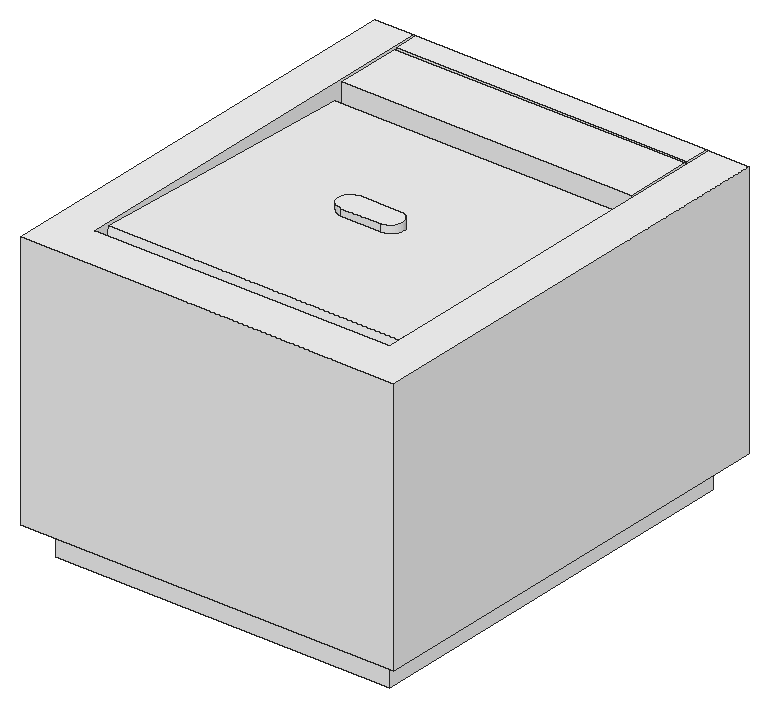
Revit family "Gira_015630", category Electrical Fixtures, host Face, Revit 2017
Family settings
  Host = Face
  Maintain Annotation Orientation = Yes
  Round Connector Dimension = Use Diameter
  Part Type = Normal
  Cut with Voids When Loaded = No
  Shared = No
  Room Calculation Point = No
Parameters (values of type "Wipptaster Wechsler BSF WG AP Grau")
  Zusammenstellung = "Basiselement mit Komplettgehäuse"
  White [instance] = White
  Werkstoffgüte = "sonstige"
  Werkstoff = "sonstige"
  URL = "http://katalog.gira.de/de_DE/datenblatt.html?artikelnr=015630"
  Transparent = "No"
  Textfeld/Beschriftungsfläche = "No"
  Rückmeldekontakt = "No"
  Region = "DE"
  Oberfläche = "sonstige"
  Nennspannung = "250 Volt"
  Name = "Wipptaster Wechsler BSF WG AP Grau"
  Montageart = "auf Putz"
  Mit Beleuchtung = "No"
  Manufacturer URL = "https://www.gira.de/"
  Kontakte = "1 Wechsler"
  HeinzeBIM = "https://bimportal.heinze.de/bim/wipptaster-wechsler-bsf-wg-ap-grau/f59770ff285cf95f82242538ec412bdd68e66542"
  Halogenfrei = "No"
  HAN = "015630"
  Geeignet für Schutzart (IP) = "IP44"
  GTIN = "4010337156307"
  Farbe = "grau"
  Default Elevation = 1219.2 mm
  Data sheet (1) = "https://katalog.gira.de/de_DE/download.html?artikelnr=015630"
  Category = "Taster"
  Bemessungsstrom = "10 Ampere"
  Befestigungsart = "Schraubbefestigung"
  Bedienungsart = "Wippe"
  Available = "Yes"
  Ausführung = "Einzeltaster"
  Aufdruck = "ohne"
  Anzahl der Betätigungswippen = "1 "
Reference planes
  plane 1 "Center (Front/Back)": y = 0
  plane 2: z = 0
  plane 3 "Center (Left/Right)": x = 0
  plane 4: x = 30
  plane 5: x = -30
  plane 6: z = 41.4
Forms (mm)
  Extrusion 1, solid, material "White" <- "White", detail levels medium+fine
    sketch origin (0, 0, 0) x (1, 0, 0) y (0, 1, 0)
      loop
        line (-34, 41) -> (-34, -41) -> (34, -41) -> (34, 41) -> (-34, 41)
    from 0 to -6.2
  Extrusion 2, solid, material "White" <- "White", detail levels medium+fine
    sketch origin (0, 0, 0) x (1, 0, 0) y (0, 1, 0)
      loop
        line (-38, 45) -> (-38, -45) -> (38, -45) -> (38, 45) -> (-38, 45)
    from 0 to 52.4
  Extrusion 3, void
    sketch origin (0, 0, 0) x (1, 0, 0) y (0, 0, 1)
      loop
        line (-30, 59.413) -> (-30, 41.4) -> (30, 41.4) -> (30, 59.413) -> (-30, 59.413)
    from 36 to -113.06
  Extrusion 4, solid, material "White" <- "White", detail levels medium
    sketch origin (225, 0, 0) x (1, 0, 0) y (0, 1, 0)
      loop
        line (-254.5, 44.5) -> (-254.5, -35.5) -> (-195.5, -35.5) -> (-195.5, 44.5) -> (-254.5, 44.5)
    from 41.4 to 52.4
  Extrusion 5, solid, material "White" <- "White", detail levels fine
    sketch origin (0, 0, 0) x (1, 0, 0) y (0, 1, 0)
      loop
        line (-29.5, 45) -> (-29.5, 40) -> (29.5, 40) -> (29.5, 45) -> (-29.5, 45)
    from 41.4 to 52.4
  Extrusion 6, solid, material "White" <- "White", detail levels fine
    sketch origin (0, 0, 0) x (1, 0, 0) y (0, 1, 0)
      loop
        line (29.5, 39.5) -> (-29.5, 39.5) -> (-29.5, 26) -> (29.5, 26) -> (29.5, 39.5)
    from 41.4 to 52.4
  Extrusion 7, solid, material "White" <- "White", detail levels fine
    sketch origin (0, 0, 0) x (1, 0, 0) y (0, 1, 0)
      loop
        arc (-4, -1) -> (-6.5, -3.5) -> (-4, -6) r 2.5
        line (-4, -6) -> (4, -6)
        arc (4, -6) -> (6.5, -3.5) -> (4, -1) r 2.5
        line (4, -1) -> (-4, -1)
    from 41.4 to 52.4
  Extrusion 8, solid, material "White" <- "White", detail levels coarse
    sketch origin (0, 0, 0) x (1, 0, 0) y (0, 1, 0)
      loop
        line (-38, 46) -> (-38, -45) -> (38, -45) -> (38, 46) -> (-38, 46)
    from -6.2 to 52.4
  Extrusion 9, solid, material "White" <- "White", detail levels medium+fine
    sketch origin (0, 0, 0) x (1, 0, 0) y (0, 0, 1)
      loop
        circle (0, 14) r 3.6
    from -46 to -45
  Extrusion 10, solid, material "White" <- "White", detail levels fine
    sketch origin (0, 0, 0) x (0, 1, 0) y (0, 0, 1)
      loop
        line (-36, 41.4) -> (26, 41.4) -> (24.38, 49.736) -> (-33.115, 52.169) -> (-36, 41.4)
    from -29.5 to 29.5
Cuts and joins
  Extrusion 3 cuts Extrusion 2
Dimensions and locks
  aligned and locked: plane 2 to host face
  aligned and locked: level to host face
  aligned and locked: plane 3 "Center (Left/Right)" to nested 1
  aligned and locked: plane 1 "Center (Front/Back)" to nested 1
Nested families
  nested 1: "Schalter" at (0, 0, 0), type "Schalter"
Connectors
  electrical at (0, 0, -6.2)
    settings: on Extrusion 1, index 1, voltage 224 V, apparent load 0 VA, apparent load phase1 0 VA, apparent load phase2 0 VA, apparent load phase3 0 VA, power factor 1, load classification "Other", number of poles 1, system type 30, power factor state 1, is connector primary yes, connector utility no, sub classification motor no, connector description ""
Definition of nested family "Schalter"
  Reference planes
    plane 1: y = 0
    plane 2: x = 0
  Lines and regions (mm)
    detail lines
      curve 1: circle (1.375, 2.778, 0) r 0.8 normal (0, 0, 1)
      curve 2: line (1.021, 2.061, 0) -> (0, 0, 0)
      curve 3: line (0, 0, 0) -> (-0.538, 0.266, 0)
  Dimensions and locks
    curve 2 to curve 2 = 2.3 mm
    curve 3 to curve 2 = 0.6 mm
    radius of curve 1 = 0.8 mm
